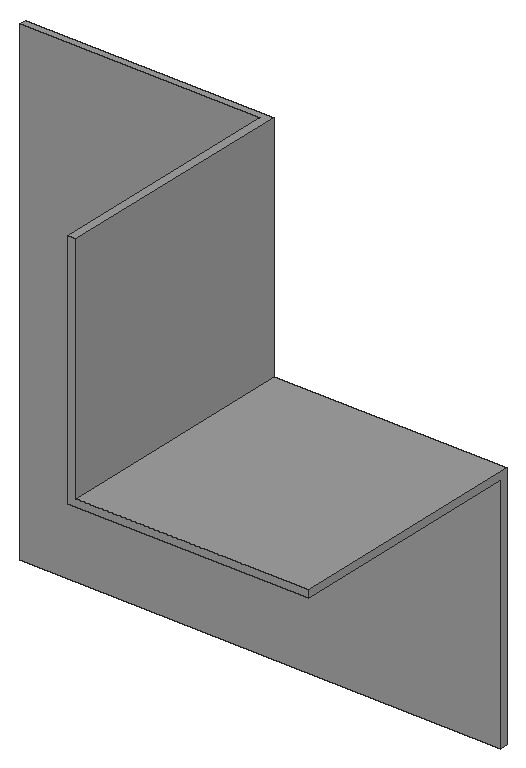
Revit family "c12c8ab8-c8eb-4cd6-8fad-1e33edf53bf0", category Generic Models, Revit 2012
Parameters (values of type "As Specified")
  Unit Width = 0' - 7 1/8"
  Unit Height = 0' - 2"
  Unit Depth = 0' - 6"
  URL = "http://www.hyload.com/"
  Thickness = 0' - 0 1/16"
  Specification = "http://www.arcat.com/sdspecs/htm04/07_65_00hyl.htm"
  Sales Information = "http://www.hyload.com/contact-us"
  Revision = "R1_12-2015"
  Product Properties = "http://www.hyload.com/masonry-flashing/preformed-shapes/"
  Product Data = "http://www.arcat.com/arcatcos/cos33/arc33176.html"
  Model = "Type W1"
  Manufacturer Website = "http://www.hyload.com/"
  Manufacturer Phone - Toll Free = "800-457-4056"
  Manufacturer Phone = "330-769-3546"
  Manufacturer Fax = "330-769-4153"
  Manufacturer Address = "5020 Panther Pkwy., Seville, OH 44273"
  Manufacturer = "Hyload"
  Keynote = "07 65 00"
  Flashing Material = Hyload Flashing Membrane - Grey
  Drawn By = "Robert S. Weygant / Sumex Design"
  Description = "Preformed Hyload Masonry Flashing - Type W1"
  Copyright = "(c) ARCAT, Inc, 2015"
  Construction Details = "http://www.arcat.com/details/hyload/hyload.html?coid=33176"
  Assembly Code = "B3010400"
Reference planes (in)
  plane 1 "Center (Front/Back)": y = 0
  plane 2: z = 0
  plane 3 "Center (Left/Right)": x = 0
  plane 4: x = 2
  plane 5: z = 2
  plane 6: y = -2
  plane 7: z = 4
Forms (in)
  Sweep 1, solid, material "Hyload Flashing Membrane - Grey" <- "Flashing Material"
    path origin (0, 0, 0) x (1, 0, 0) y (0, 0, 1)
      loop
        line (2, 2) -> (0, 2) -> (0, 4)
    profile origin (1, 0, 2) x (0, 0, -1) y (0, -1, 0)
      loop
        line (0, 0) -> (0, 2) -> (-0.0625, 2) -> (-0.0625, -0.0625) -> (2, -0.0625) -> (2, 0) -> (0, 0)
Dimensions and locks (in)
  "Unit Height": plane 5 to level
  plane 1 "Center (Front/Back)" to plane 6 = 0' - 2"
  plane 7 to level = 0' - 4"
  plane 4 to plane 3 "Center (Left/Right)" = 0' - 2"
  "Thickness": Sweep 1 sketch curve to plane 5
  "Thickness": Sweep 1 sketch curve to plane 1 "Center (Front/Back)"
  aligned and locked: plane 2 to level
  aligned and locked: plane 3 "Center (Left/Right)" to Sweep 1 sketch curve
  aligned and locked: plane 5 to Sweep 1 sketch curve  (x2)
  aligned and locked: Sweep 1 sketch curve to plane 6
  aligned and locked: Sweep 1 sketch curve to level
  aligned and locked: plane 7 to Sweep 1 sketch curve
Automatic sketch dimensions
  Sweep 1 sketch curve to plane 1 "Center (Front/Back)" = 0' - 0"
  Sweep 1 sketch curve to plane 4 = 0' - 0"
